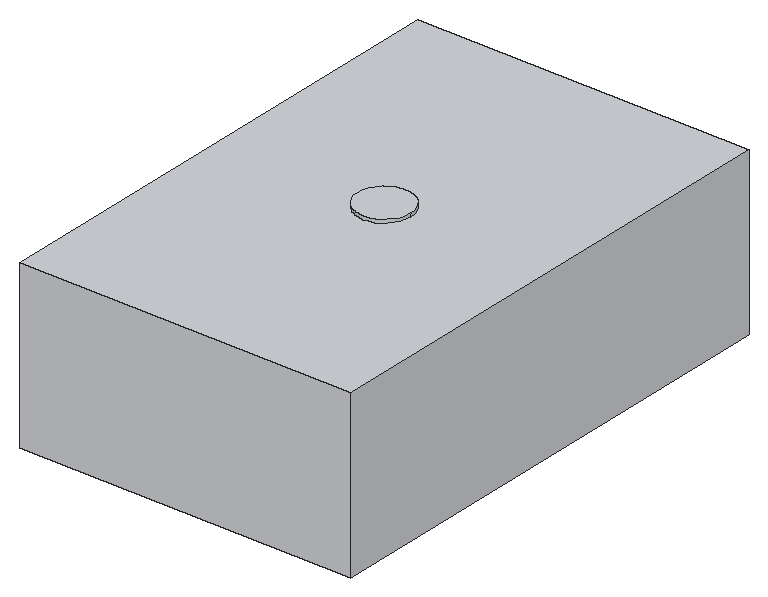
Revit family "電線管用ファミリ", category Electrical Fixtures, Revit 2022
Family settings
  Round Connector Dimension = Use Diameter
  Part Type = Normal
  OmniClass Number = 23.80.00.00
  OmniClass Title = Electric Power and Lighting
  Work Plane-Based = No
  Always vertical = Yes
  Cut with Voids When Loaded = No
  Maintain Annotation Orientation = No
  Shared = No
  Room Calculation Point = No
Parameters
  コネクタ直径 [instance] = 16 mm
  W [instance] = 100 mm
  Default Elevation = 0 mm
  D [instance] = 150 mm
Reference planes
  plane 1 "中心(正面/背面)": y = 0
  plane 2: z = 0
  plane 3 "中心(左/右)": x = 0
  plane 4 "左": x = -50
  plane 5 "右": x = 50
  plane 6 "上": y = 75
  plane 7 "下": y = -75
  plane 8 "高さ": z = 50
Forms (mm)
  Extrusion 1, solid
    sketch origin (0, 0, 0) x (1, 0, 0) y (0, 1, 0)
      loop
        line (-50, 75) -> (-50, -75) -> (50, -75) -> (50, 75) -> (-50, 75)
    from 0 to 50
  Extrusion 2, solid
    sketch origin (0, 0, 50) x (-1, 0, 0) y (0, -1, 0)
      loop
        circle (0, 0) r 8
    from 0 to 1
  Extrusion 3, solid
    sketch origin (0, 0, 0) x (1, 0, 0) y (0, 1, 0)
      loop
        circle (0, 0) r 8
    from -1.215 to 0
Dimensions and locks
  equal spacing: plane 4 "左", plane 3 "中心(左/右)", plane 5 "右"
  "W": plane 4 "左" to plane 5 "右"
  equal spacing: plane 6 "上", plane 1 "中心(正面/背面)", plane 7 "下"
  "D": plane 6 "上" to plane 7 "下"
  "コネクタ直径": diameter of Extrusion 2 sketch curve
  "コネクタ直径": diameter of Extrusion 3 sketch curve
  aligned and locked: level to plane 2
  aligned and locked: Extrusion 1 sketch curve to plane 6 "上"
  aligned and locked: plane 4 "左" to Extrusion 1 sketch curve
  aligned and locked: plane 7 "下" to Extrusion 1 sketch curve
  aligned and locked: Extrusion 1 sketch curve to plane 5 "右"
  aligned and locked: level to Extrusion 3
Automatic sketch dimensions
  plane 1 "中心(正面/背面)" to Extrusion 2 sketch curve = 0 mm
  Extrusion 2 sketch curve to plane 3 "中心(左/右)" = 0 mm
  plane 1 "中心(正面/背面)" to Extrusion 3 sketch curve = 0 mm
  Extrusion 3 sketch curve to plane 3 "中心(左/右)" = 0 mm
Connectors
  cabletrayconduit at (0, 0, 51), diameter 16, driven by "コネクタ直径"
    settings: on Extrusion 2, index 3, connector width 300 mm, connector height 300 mm, connector angle 0.00°, system type 32, placement type 0, profile type 0, connector reference index -1, is primary connector yes, connector utility param no, connector description ""
  cabletrayconduit at (0, 0, -1.215), diameter 16, driven by "コネクタ直径"
    settings: on Extrusion 3, index 4, connector width 300 mm, connector height 300 mm, connector angle 0.00°, system type 32, placement type 0, profile type 0, connector reference index -1, is primary connector no, connector utility param no, connector description ""
